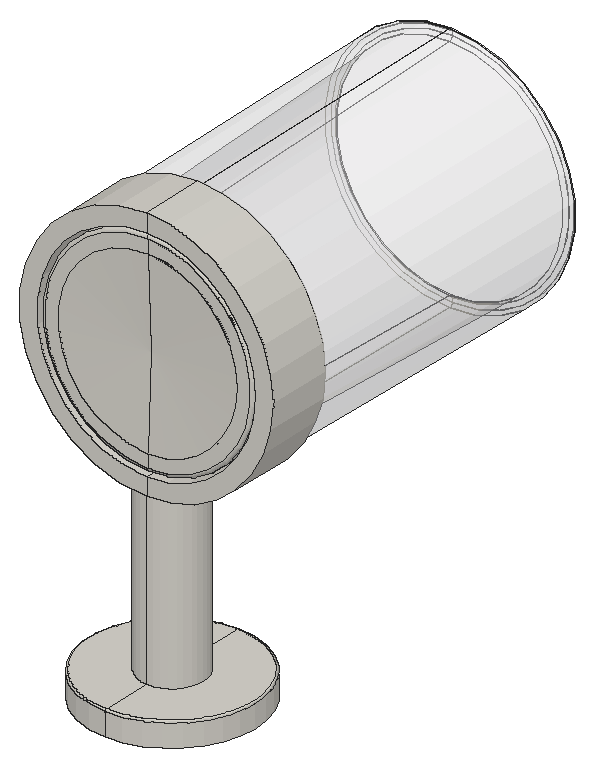
Revit family "Accessory-Tumbler-KOHLER-STILLNESS-K-14463T-1", category Specialty Equipment, host Face, Revit 2021
Family settings
  Host = Face
  Round Connector Dimension = Use Diameter
  Part Type = Normal
  OmniClass Number = 23.31.25.00
  OmniClass Title = Toilet and Bath Specialties
  Cut with Voids When Loaded = No
  Shared = No
  Room Calculation Point = No
Parameters (values of type "SN-Vibrant Polished Nickel")
  Width = 1.88976"  # constant formula
  WaterSense Certified = 1 = 0  # no
  URL = "http://www.kohler.com.cn/"
  Type = 2
  Product Page URL = "https://www.kohler.com.cn/product/K-14463T-CP/K-14463T-SN/"
  Product Name = "STILLNESS"  # constant formula
  Product Documentation Link = "https://files.kohler.com.cn/pdfs/stillness.pdf"
  Model = if(Type = 1, "K-14463T-CP", if(Type = 2, "K-14463T-SN", if(Type = 3, "K-14463T-BN", if(Type = 4, "K-14463T-PGD", if(Type = 5, "K-14463T-RGD", if(Type = 6, "K-14463T-AF", "NA"))))))  # "K-14463T-SN"
  Material = "Premium Material Constraction"  # constant formula
  Master Format 2014 Name = "Toilet, Bath, and Laundry Accessories"  # constant formula
  Master Format 2014 = "10 28 00"  # constant formula
  Manufacturer Address = "Kohler Beijing Office (100016) 36-2-03-B, No. 88, Liuxiang Road, Beijing"  # constant formula
  Manufacturer = "Kohler Co."  # constant formula
  Length = 5.03937"  # constant formula
  Height = 1.88976"  # constant formula
  Finish = Kohler-Metal-SN-Vibrant_Polished_Nickel
  Environmental Product Declaration = ""
  Description = "Stighetti gargle cup holder"  # constant formula
  Default Elevation = 42"
  Declare Label = ""
  Date Modified = "05/17/2024"  # constant formula
  Date Created = "07/08/2020"  # constant formula
  Copyright = "Copyright Kohler Co."  # constant formula
  Contact Us = "http://www.kohler.com.cn/contact/contact-us/"
  Assembly Code = "C1030200"
  ADA Compliant = 1 = 0  # no
Types (7): name | Type | Product Page URL | Model | Finish
  (no name) | 2 | "https://www.kohler.com.cn/product/K-14463T-CP/K-14463T-SN/" | "K-14463T-SN" | Kohler-Metal-SN-Vibrant_Polished_Nickel
  CP-Polished Chrome | 1 | "https://www.kohler.com.cn/product/K-14463T-CP/K-14463T-CP/" | "K-14463T-CP" | Kohler-Metal-CP-Polished_Chrome
  SN-Vibrant Polished Nickel | 2 | "https://www.kohler.com.cn/product/K-14463T-CP/K-14463T-SN/" | "K-14463T-SN" | Kohler-Metal-SN-Vibrant_Polished_Nickel
  BN-Vibrant Brushed Nickel | 3 | "https://www.kohler.com.cn/product/K-14463T-CP/K-14463T-BN/" | "K-14463T-BN" | Kohler-Metal-BN-Vibrant_Brushed_Nickel
  PGD-Modern Polished Gold | 4 | "https://www.kohler.com.cn/product/K-14463T-CP/K-14463T-PGD/" | "K-14463T-PGD" | Kohler-Metal-PGD-Modern_Polished_Gold
  RGD-Polished Rose Gold | 5 | "https://www.kohler.com.cn/product/K-14463T-CP/K-14463T-RGD/" | "K-14463T-RGD" | Kohler-Metal-RGD-Polished_Rose_Gold
  AF-Vibrant French Gold | 6 | "" | "K-14463T-AF" | Kohler-Metal-AF-Vibrant_French_Gold
Reference planes (in)
  plane 1 "Center (Front/Back)": y = 0
  plane 2: z = 0
  plane 3 "Center (Left/Right)": x = 0
  plane 4: y = 3.96654
  plane 5: y = -0.94488
  plane 6: z = 5.03937
  plane 7: y = -0.36417
  plane 8: x = -1.43701
  plane 9: x = 1.43701
  plane 10: z = 0.27559
  plane 11: z = 2.16535
  plane 12: x = 0.35433
  plane 13: x = -0.35433
  plane 14: z = 3.62205
  plane 15: x = -0.94488
  plane 16: x = 0.94488
  plane 17: y = 0.94488
Dimensions and locks (in)
  plane 4 to plane 7 = 4.33071"
  plane 11 to plane 6 = 2.87402"
  "Length": plane 6 to level
  "Width": plane 15 to plane 16
  "Height": plane 5 to plane 17
  plane 14 to level = 3.62205"
  level to plane 6 = 5.03937"
  plane 5 to plane 4 = 4.91142"
  aligned and locked: plane 2 to host face
  aligned and locked: level to host face
  aligned and locked: plane 6 to nested 1
  aligned and locked: plane 14 to nested 1
  aligned and locked: plane 11 to nested 1
  aligned and locked: plane 5 to nested 1
Automatic sketch dimensions
  host sketch curve to host sketch curve = 96"  (x2)
Nested families (in)
  nested 1: "K-14463T" at (0, 0, 0), type "K-14463T"
Definition of nested family "K-14463T"
  Parameters (values of type "K-14463T")
    Material = none
    Default Elevation = 0"
  Reference planes (in)
    plane 1 "Center (Front/Back)": y = 0
    plane 2: z = 0
    plane 3 "Center (Left/Right)": x = 0
    plane 4: z = 5.03937
    plane 5: y = 3.96654
    plane 6: z = 2.44094
    plane 7: y = -0.36417
    plane 8: z = 3.62205
    plane 9: y = -0.94488
    plane 10: y = 0.94488
    plane 11: x = -1.43701
    plane 12: x = 0.94488
    plane 13: x = -0.94488
    plane 14: z = 0.27559
    plane 15: x = -0.35433
    plane 16: x = 0.35433
    plane 17: x = 1.43701
    plane 18: y = 0.36417
    plane 19: z = 2.16535
  Forms (in)
    Revolve 1, solid, material <- "Material", detail levels medium+fine
      sketch origin (0, 0, 0) x (0, 1, 0) y (0, 0, 1)
        loop
          line (0, 0) -> (0.94488, 0) -> (0.94488, 0.25591)
          arc (0.94488, 0.25591) -> (0.93912, 0.26982) -> (0.9252, 0.27559) r 0.01969
          line (0.9252, 0.27559) -> (0.35433, 0.27559) -> (0.35433, 2.377) -> (0, 2.377) -> (0, 0)
        axis (0, 2.377) -> (0, 0)
      angle from 0 to 360
    Revolve 2, solid, material <- "Material", detail levels medium+fine
      sketch origin (0, 0, 0) x (0, 1, 0) y (0, 0, 1)
        loop
          line (-0.36417, 5.05906) -> (-0.36417, 4.85829) -> (0.26575, 4.85829) -> (0.23853, 4.83923) -> (-0.30674, 4.82495)
          arc (-0.30674, 4.82495) -> (-0.33349, 4.81324) -> (-0.34449, 4.78619) r 0.03877
          line (-0.34449, 4.78619) -> (-0.34449, 4.63493)
          arc (-0.34449, 4.63493) -> (-0.31357, 4.12891) -> (-0.30326, 3.62205) r 12.46358
          line (-0.30326, 3.62205) -> (0.12561, 3.62205)
          arc (0.12561, 3.62205) -> (0.1342, 4.0485) -> (0.15995, 4.47425) r 10.59209
          arc (0.15995, 4.47425) -> (0.20495, 4.64011) -> (0.30672, 4.7786) r 0.46864
          line (0.30672, 4.7786) -> (0.30672, 4.89668)
          arc (0.30672, 4.89668) -> (0.3475, 4.91516) -> (0.36417, 4.95671) r 0.06009
          line (0.36417, 4.95671) -> (0.36417, 5.05906) -> (-0.36417, 5.05906)
        axis (0.36417, 3.62205) -> (-0.36417, 3.62205)
      angle from 0 to 360
    Revolve 3, solid, detail levels medium+fine
      sketch origin (0, 0, 0) x (0, 1, 0) y (0, 0, 1)
        loop
          line (0.36417, 4.85966) -> (0.30416, 4.79965) -> (0.30416, 4.7232)
          arc (0.30416, 4.7232) -> (0.16998, 4.56015) -> (0.12194, 4.35452) r 0.46408
          line (0.12194, 4.35452) -> (0.12194, 3.62205) -> (0.16009, 3.62205) -> (0.16009, 4.32572)
          arc (0.16009, 4.32572) -> (0.29125, 4.65033) -> (0.61109, 4.79274) r 0.4673
          line (0.61109, 4.79274) -> (3.92854, 4.90858)
          arc (3.92854, 4.90858) -> (3.95549, 4.92058) -> (3.96654, 4.94793) r 0.03937
          line (3.96654, 4.94793) -> (3.96654, 5.00161)
          arc (3.96654, 5.00161) -> (3.95531, 5.02847) -> (3.92832, 5.03937) r 0.03776
          line (3.92832, 5.03937) -> (0.42335, 4.99694)
          arc (0.42335, 4.99694) -> (0.38146, 4.97915) -> (0.36417, 4.93705) r 0.0599
          line (0.36417, 4.93705) -> (0.36417, 4.85966)
        axis (3.96654, 3.62205) -> (0.12194, 3.62205)
      angle from 0 to 360
    Revolve 4, solid, material <- "Material", detail levels coarse
      sketch origin (0, 0, 0) x (0, 1, 0) y (0, 0, 1)
        loop
          line (0, 0) -> (0.94488, 0) -> (0.94488, 0.27565) -> (0.35433, 0.27565) -> (0.35433, 2.55906) -> (0, 2.55906) -> (0, 0)
        axis (0, 2.55906) -> (0, 0)
      angle from 0 to 360
    Revolve 5, solid, material <- "Material", detail levels coarse
      sketch origin (0, 0, 0) x (0, 1, 0) y (0, 0, 1)
        loop
          line (0.36417, 5.10486) -> (-0.36417, 5.10486) -> (-0.36417, 3.62205) -> (0.36417, 3.62205) -> (0.36417, 5.10486)
        axis (0.36417, 3.62205) -> (-0.36417, 3.62205)
      angle from 0 to 360
    Revolve 6, solid, detail levels coarse
      sketch origin (0, 0, 0) x (0, 1, 0) y (0, 0, 1)
        loop
          line (0.36417, 3.62205) -> (0.94488, 3.62205) -> (0.94488, 4.90801) -> (3.96654, 4.90801) -> (3.96654, 5.03937) -> (0.36417, 5.03937) -> (0.36417, 3.62205)
        axis (3.96654, 3.62205) -> (0.36417, 3.62205)
      angle from 0 to 360
  Cuts and joins
    joined: Revolve 1, Revolve 2
    joined: Revolve 4, Revolve 5
  Lines and regions (in)
    Masking region 1
      outline origin (0, 0, 0) x (1, 0, 0) y (0, 1, 0)
        loop
          line (-1.43701, -0.36417) -> (-0.87188, -0.36417)
          arc (-0.87188, -0.36417) -> (-0.52378, -0.78642) -> (0, -0.94488) r 0.94488
          arc (0, -0.94488) -> (0.52378, -0.78642) -> (0.87188, -0.36417) r 0.94488
          line (0.87188, -0.36417) -> (1.43701, -0.36417) -> (1.43701, 0.36417) -> (1.37371, 0.36417)
          arc (1.37371, 0.36417) -> (1.41856, 0.38375) -> (1.43701, 0.42908) r 0.06493
          line (1.43701, 0.42908) -> (1.43701, 3.8878)
          arc (1.43701, 3.8878) -> (1.41395, 3.94347) -> (1.35827, 3.96654) r 0.07874
          line (1.35827, 3.96654) -> (-1.34593, 3.96654)
          arc (-1.34593, 3.96654) -> (-1.41033, 3.93986) -> (-1.43701, 3.87545) r 0.09108
          line (-1.43701, 3.87545) -> (-1.43701, 0.42908)
          arc (-1.43701, 0.42908) -> (-1.41856, 0.38375) -> (-1.37371, 0.36417) r 0.06493
          line (-1.37371, 0.36417) -> (-1.43701, 0.36417) -> (-1.43701, -0.36417)
    Masking region 2
      outline origin (0, 0, 0) x (1, 0, 0) y (0, 0, 1)
        loop
          line (0.35433, 0.27559) -> (0.35433, 2.22941)
          arc (0.35433, 2.22941) -> (1.13671, 2.74291) -> (1.43699, 3.62927) r 1.43701
          arc (1.43699, 3.62927) -> (1.01236, 4.63379) -> (0, 5.03937) r 1.41736
          arc (0, 5.03937) -> (-1.01526, 4.63087) -> (-1.43701, 3.62104) r 1.41747
          arc (-1.43701, 3.62104) -> (-1.13419, 2.73966) -> (-0.35433, 2.22941) r 1.43701
          line (-0.35433, 2.22941) -> (-0.35433, 0.27559) -> (-0.9252, 0.27559)
          arc (-0.9252, 0.27559) -> (-0.93912, 0.26982) -> (-0.94488, 0.25591) r 0.01969
          line (-0.94488, 0.25591) -> (-0.94488, 0) -> (0, 0) -> (0.94488, 0) -> (0.94488, 0.25591)
          arc (0.94488, 0.25591) -> (0.93912, 0.26982) -> (0.9252, 0.27559) r 0.01969
          line (0.9252, 0.27559) -> (0.35433, 0.27559)
    Masking region 3
      outline origin (0, 0, 0) x (0, 1, 0) y (0, 0, 1)
        loop
          line (0.94488, 0) -> (0.94488, 0.25591)
          arc (0.94488, 0.25591) -> (0.93912, 0.26982) -> (0.9252, 0.27559) r 0.01969
          line (0.9252, 0.27559) -> (0.35433, 0.27559) -> (0.35433, 2.16535)
          arc (0.35433, 2.16535) -> (0.36165, 2.17932) -> (0.36417, 2.19489) r 0.04923
          line (0.36417, 2.19489) -> (0.36417, 2.22635)
          arc (0.36417, 2.22635) -> (0.38204, 2.18322) -> (0.42517, 2.16535) r 0.06099
          line (0.42517, 2.16535) -> (3.90748, 2.16535)
          arc (3.90748, 2.16535) -> (3.94924, 2.18265) -> (3.96654, 2.22441) r 0.05906
          line (3.96654, 2.22441) -> (3.96654, 4.98031)
          arc (3.96654, 4.98031) -> (3.94924, 5.02207) -> (3.90748, 5.03937) r 0.05906
          line (3.90748, 5.03937) -> (0.42517, 5.03937)
          arc (0.42517, 5.03937) -> (0.38204, 5.02151) -> (0.36417, 4.97838) r 0.06099
          line (0.36417, 4.97838) -> (0.36417, 5.03937) -> (-0.36417, 5.03937) -> (-0.36417, 2.19489)
          arc (-0.36417, 2.19489) -> (-0.36165, 2.17932) -> (-0.35433, 2.16535) r 0.04923
          line (-0.35433, 2.16535) -> (-0.35433, 0.27559) -> (-0.9252, 0.27559)
          arc (-0.9252, 0.27559) -> (-0.93912, 0.26982) -> (-0.94488, 0.25591) r 0.01969
          line (-0.94488, 0.25591) -> (-0.94488, 0) -> (0.94488, 0)
    symbolic lines, detail levels medium+fine
      curve 1: line (-1.37371, 0.36417, 0) -> (1.37371, 0.36417, 0)
      curve 2: line (0.87188, -0.36417, 0) -> (-0.87188, -0.36417, 0)
      curve 3: arc (0.35433, 0, 2.22941) -> (0, 0, 2.18504) -> (-0.35433, 0, 2.22941) r 1.43701
      curve 4: line (0.35433, 0, 0.27559) -> (-0.35433, 0, 0.27559)
      curve 5: line (0, 0.36417, 2.22635) -> (0, 0.36417, 5.04176)
      curve 6: arc (0, 0.36417, 2.22635) -> (0, 0, 2.27052) -> (0, -0.36417, 2.22635) r 1.52335
      curve 7: line (0, 0.35433, 0.27559) -> (0, -0.35433, 0.27559)
      curve 8: circle (0, 0, 3.60062) r 1.28596 normal (0, -1, 0)
  Dimensions and locks (in)
    plane 7 to plane 5 = 4.33071"
    plane 1 "Center (Front/Back)" to plane 9 = 0.94488"
    plane 12 to plane 13 = 1.88976"
    level to plane 8 = 3.62205"
    plane 4 to plane 6 = 2.59843"
    plane 4 to level = 5.03937"
    plane 10 to plane 9 = 1.88976"  (x2)
    plane 5 to plane 7 = 4.33071"
    plane 13 to plane 12 = 1.88976"
    locked: plane 11 to plane 17 at 2.87402
    level to plane 4 = 5.03937"
    plane 8 to level = 3.62205"
    aligned and locked: plane 2 to level
